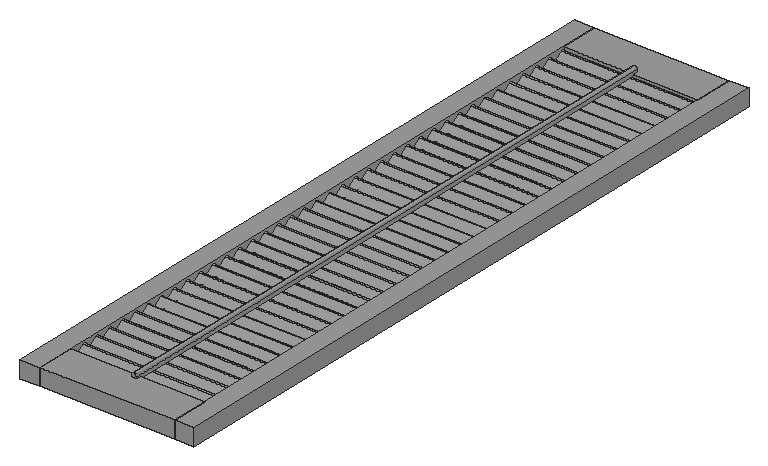
Revit family "Deep South Louver 1 Panel", category Generic Models, Revit 2017
Family settings
  Can host rebar = No
  Round Connector Dimension = Use Diameter
  Part Type = Normal
  Work Plane-Based = Yes
  Always vertical = No
  Cut with Voids When Loaded = No
  Shared = No
  Room Calculation Point = No
Parameters
  URL = "www.newhorizonshutters.com"
  Type Comments = "**** All shutter dimensionsand configurations to be approved by NHSI ****"
  Top Rail = 0' - 4"
  Tilt Rod 1 = yes
  Shutter Width = 1' - 6"
  Shutter Thickness = 0' - 1 3/4"
  Shutter Height = 6' - 0"
  Model = "Louver Deep South"
  Manufacturer = "New Horizon Shutters"
  Louver Section 1 = Shutter Height - Top Rail - Bottom Rail - 0' 1 7/8"  # 5' - 2 1/8"
  Louver Length = Shutter Width - 0' 4"  # 1' - 2"
  Finish Color = Default
  Default Elevation = 4' - 0"
  Bottom Rail = 0' - 4"
Reference planes (in)
  plane 1 "Center (Front/Back)": y = 0
  plane 2: z = 0
  plane 3 "Center (Left/Right)": x = 0
  plane 4: x = 9
  plane 5: x = -9
  plane 6: y = 23
  plane 7: y = -49
  plane 8: y = 19
  plane 9: y = -45
  plane 10: z = 1.75
  plane 11: z = 0.875
  plane 12: x = -7
  plane 13: y = 18.0625
  plane 14: y = -44.0625
  plane 15: z = 0.24426
  plane 16: z = 1.50574
  plane 17: y = -45.5
  plane 18: y = 19.5
Forms (in)
  Extrusion 1, solid, material "Default" <- "Finish Color"
    sketch origin (0, 0, 0) x (1, 0, 0) y (0, 1, 0)
      loop
        line (-9, -49) -> (-7, -49) -> (-7, 23) -> (-9, 23) -> (-9, -49)
    from 0 to 1.75
  Extrusion 2, solid, material "Default" <- "Finish Color"
    sketch origin (0, 0, 0) x (-1, 0, 0) y (0, -1, 0)
      loop
        line (-9, 49) -> (-9, -23) -> (-7, -23) -> (-7, 49) -> (-9, 49)
    from 0 to 1.75
  Extrusion 3, solid, material "Default" <- "Finish Color"
    sketch origin (0, 0, 0) x (1, 0, 0) y (0, 1, 0)
      loop
        line (-7, 23) -> (-7, 19) -> (7, 19) -> (7, 23) -> (-7, 23)
      loop
        line (-7, -45) -> (-7, -49) -> (7, -49) -> (7, -45) -> (-7, -45)
    from 0 to 1.75
  Extrusion 4, solid, material "Default" <- "Finish Color", visible <- "Tilt Rod 1"
    sketch origin (2.3419, 0, -2.60656) x (1, 0, 0) y (0, 0, 1)
      loop
        line (-2.59055, 4.5262) -> (-2.59055, 4.14129) -> (-2.09324, 4.14129) -> (-2.09324, 4.52638)
        arc (-2.09324, 4.52638) -> (-2.16914, 4.70222) -> (-2.34916, 4.76759) r 0.24164
        arc (-2.34916, 4.76759) -> (-2.51985, 4.69689) -> (-2.59055, 4.5262) r 0.2414
    from -19.5 to 45.5
Lines and regions (in)
  reference lines
    curve 1: line (7, 0, 1.53559) -> (-7, 0, 1.53559)
Dimensions and locks (in)
  equal spacing: plane 5, plane 3 "Center (Left/Right)", plane 4
  "Shutter Width": plane 5 to plane 4
  "Shutter Height": plane 6 to plane 7
  "Top Rail": plane 6 to plane 8
  "Bottom Rail": plane 9 to plane 7
  equal spacing: plane 10, plane 11, level
  "Shutter Thickness": plane 10 to level
  locked: plane 5 to plane 12 at 2
  locked: Extrusion 2 to Extrusion 2 at 2
  locked: plane 8 to plane 13 at 0.9375
  locked: plane 14 to plane 9 at 0.9375
  equal spacing: plane 15, plane 11, plane 16
  locked: plane 18 to plane 8 at 0.5
  locked: plane 9 to plane 17 at 0.5
  aligned and locked: plane 2 to level
  aligned and locked: Extrusion 1 sketch curve to plane 7
  aligned and locked: Extrusion 1 sketch curve to plane 5
  aligned and locked: plane 6 to Extrusion 1 sketch curve
  aligned and locked: Extrusion 1 sketch curve to plane 12
  aligned and locked: Extrusion 1 to level
  aligned and locked: plane 10 to Extrusion 1
  aligned and locked: Extrusion 2 to plane 4
  aligned and locked: plane 6 to Extrusion 2
  aligned and locked: Extrusion 2 to plane 7
  aligned and locked: Extrusion 2 to level
  aligned and locked: plane 10 to Extrusion 2
  aligned and locked: Extrusion 3 sketch curve to Extrusion 1  (x2)
  aligned and locked: Extrusion 1 to Extrusion 3 sketch curve
  aligned and locked: plane 8 to Extrusion 3 sketch curve
  aligned and locked: Extrusion 3 sketch curve to Extrusion 2  (x2)
  aligned and locked: Extrusion 3 sketch curve to plane 9
  aligned and locked: Extrusion 2 to Extrusion 3 sketch curve
  aligned and locked: plane 10 to Extrusion 3
  aligned and locked: Extrusion 3 to level
  aligned and locked: plane 15 to nested 1
  aligned and locked: plane 16 to nested 1
  aligned and locked: plane 3 "Center (Left/Right)" to nested 1
  aligned and locked: plane 14 to nested 1
  aligned and locked: plane 18 to Extrusion 4
  aligned and locked: Extrusion 4 to plane 17
Automatic sketch dimensions
  Extrusion 2 sketch curve to plane 4 = 0' - 0"
  Extrusion 2 sketch curve to plane 6 = 0' - 0"
  Extrusion 2 sketch curve to plane 7 = 0' - 0"
  plane 4 to Extrusion 2 sketch curve = 0' - 2"
  Extrusion 4 sketch curve to plane 3 "Center (Left/Right)" = 0' - 0.24866"
  Extrusion 4 sketch curve to plane 3 "Center (Left/Right)" = 0' - 0.00726"
  plane 3 "Center (Left/Right)" to Extrusion 4 sketch curve = 0' - 0.00702"
  plane 3 "Center (Left/Right)" to Extrusion 4 sketch curve = 0' - 0.24866"
  level to Extrusion 4 sketch curve = 0' - 1.53473"
  level to Extrusion 4 sketch curve = 0' - 1.91964"
  curve 1 to plane 12 = 0' - 0"
  curve 1 to plane 16 = 0' - 0.02984"
  curve 1 to plane 4 = 0' - 2"
Nested families (in)
  nested 1: "Deep South Louver System" at (0, -13, 0.875), Louver Length <- "Louver Length", type "Deep South Louver System"
    with Louver Length 1' - 2"
Definition of nested family "Deep South Louver System"
  Parameters (values of type "Deep South Louver System")
    Number Of Louvers = Louver Span / Louver Spacing  # 38
    Louver Span = 5' - 2 1/8"
    Louver Spacing = 0' - 1 5/8"
    Louver Length [instance] = 2' - 0"
    Finish Color = none
  Reference planes (in)
    plane 1 "Center (Front/Back)": y = 0
    plane 2: z = 0
    plane 3 "Center (Left/Right)": x = 0
    plane 4: x = 12
    plane 5: x = -12
    plane 6: y = 31.0625
    plane 7: y = -31.0625
  Dimensions and locks (in)
    equal spacing: plane 5, plane 3 "Center (Left/Right)", plane 4
    equal spacing: plane 6, plane 1 "Center (Front/Back)", plane 7
    "Louver Length": plane 5 to plane 4
    "Louver Span": plane 6 to plane 7
    equal spacing: group 1, group 3, group 4, group 5, group 6, group 7, group 8, group 9, group 10, group 11, group 12, group 13, group 14, group 15, group 16, group 17, group 18, group 19, group 20, group 21, group 22, group 23, group 24, group 25, group 26, group 27, group 28, group 29, group 30, group 31, group 32, group 33, group 34, group 35, group 36, group 37, group 38, group 2  (x2)
    equal spacing: group 2, group 38, group 37, group 36, group 35, group 34, group 33, group 32, group 31, group 30, group 29, group 28, group 27, group 26, group 25, group 24, group 23, group 22, group 21, group 20, group 19, group 18, group 17, group 16, group 15, group 14, group 13, group 12, group 11, group 10, group 9, group 8, group 7, group 6, group 5, group 4, group 3, group 1
    aligned and locked: plane 2 to level
    aligned and locked: nested 1 to level
    aligned and locked: plane 5 to nested 1
    aligned and locked: plane 4 to nested 1
    aligned and locked: nested 2 to level
    aligned and locked: nested 3 to level
    aligned and locked: nested 4 to level
    aligned and locked: nested 5 to level
    aligned and locked: nested 1 to plane 6
    aligned and locked: nested 2 to plane 7
  Nested families (in)
    nested 1: "2 Louver" at (0, 31.0625, 0), type "2 Louver"
    nested 2: "2 Louver" at (0, -31.0625, 0), type "2 Louver"
    nested 3: "2 Louver" at (0, 29.38345, 0), type "2 Louver"
    nested 4: "2 Louver" at (0, 27.70439, 0), type "2 Louver"
    nested 5: "2 Louver" at (0, 26.02534, 0), type "2 Louver"
    nested 6: "2 Louver" at (0, 24.34628, 0), type "2 Louver"
    nested 7: "2 Louver" at (0, 22.66723, 0), type "2 Louver"
    nested 8: "2 Louver" at (0, 20.98818, 0), type "2 Louver"
    nested 9: "2 Louver" at (0, 19.30912, 0), type "2 Louver"
    nested 10: "2 Louver" at (0, 17.63007, 0), type "2 Louver"
    nested 11: "2 Louver" at (0, 15.95101, 0), type "2 Louver"
    nested 12: "2 Louver" at (0, 14.27196, 0), type "2 Louver"
    nested 13: "2 Louver" at (0, 12.59291, 0), type "2 Louver"
    nested 14: "2 Louver" at (0, 10.91385, 0), type "2 Louver"
    nested 15: "2 Louver" at (0, 9.2348, 0), type "2 Louver"
    nested 16: "2 Louver" at (0, 7.55574, 0), type "2 Louver"
    nested 17: "2 Louver" at (0, 5.87669, 0), type "2 Louver"
    nested 18: "2 Louver" at (0, 4.19764, 0), type "2 Louver"
    nested 19: "2 Louver" at (0, 2.51858, 0), type "2 Louver"
    nested 20: "2 Louver" at (0, 0.83953, 0), type "2 Louver"
    nested 21: "2 Louver" at (0, -0.83953, 0), type "2 Louver"
    nested 22: "2 Louver" at (0, -2.51858, 0), type "2 Louver"
    nested 23: "2 Louver" at (0, -4.19764, 0), type "2 Louver"
    nested 24: "2 Louver" at (0, -5.87669, 0), type "2 Louver"
    nested 25: "2 Louver" at (0, -7.55574, 0), type "2 Louver"
    nested 26: "2 Louver" at (0, -9.2348, 0), type "2 Louver"
    nested 27: "2 Louver" at (0, -10.91385, 0), type "2 Louver"
    nested 28: "2 Louver" at (0, -12.59291, 0), type "2 Louver"
    nested 29: "2 Louver" at (0, -14.27196, 0), type "2 Louver"
    nested 30: "2 Louver" at (0, -15.95101, 0), type "2 Louver"
    nested 31: "2 Louver" at (0, -17.63007, 0), type "2 Louver"
    nested 32: "2 Louver" at (0, -19.30912, 0), type "2 Louver"
    nested 33: "2 Louver" at (0, -20.98818, 0), type "2 Louver"
    nested 34: "2 Louver" at (0, -22.66723, 0), type "2 Louver"
    nested 35: "2 Louver" at (0, -24.34628, 0), type "2 Louver"
    nested 36: "2 Louver" at (0, -26.02534, 0), type "2 Louver"
    nested 37: "2 Louver" at (0, -27.70439, 0), type "2 Louver"
    nested 38: "2 Louver" at (0, -29.38345, 0), type "2 Louver"
  Definition of nested family "2 Louver"
    Parameters (values of type "2 Louver")
      Louver Length = 2' - 0"
      Finish Color = none
    Reference planes (in)
      plane 1 "Center (Front/Back)": y = 0
      plane 2: z = 0
      plane 3 "Center (Left/Right)": x = 0
      plane 4: x = 12
      plane 5: x = -12
    Forms (in)
      Extrusion 1, solid, material <- "Finish Color"
        sketch origin (0, 0, 0) x (0, 1, 0) y (0, 0, 1)
          loop
            arc (-0.786, -0.37793) -> (-0.82057, -0.59618) -> (-0.60232, -0.63074) r 0.15625
            line (-0.60232, -0.63074) -> (0.786, 0.37793)
            arc (0.786, 0.37793) -> (0.82057, 0.59618) -> (0.60232, 0.63074) r 0.15625
            line (0.60232, 0.63074) -> (-0.786, -0.37793)
        from -12 to 12
    Lines and regions (in)
      reference lines
        curve 1: line (0, -0.26583, 0) -> (0, 0.26583, 0)
        curve 2: line (0, 0.26583, 0) -> (0, -0.26583, 0)
    Dimensions and locks (in)
      equal spacing: plane 5, plane 3 "Center (Left/Right)", plane 4
      "Louver Length": plane 5 to plane 4
      aligned and locked: plane 2 to level
      aligned and locked: plane 4 to Extrusion 1
      aligned and locked: Extrusion 1 to plane 5
    Automatic sketch dimensions
      Extrusion 1 sketch curve to level = 0' - 0.37793"
      plane 1 "Center (Front/Back)" to Extrusion 1 sketch curve = 0' - 0.786"
      Extrusion 1 sketch curve to Extrusion 1 sketch curve = 0' - 0.09184"  (x4)
      Extrusion 1 sketch curve to plane 1 "Center (Front/Back)" = 0' - 0.60232"
      level to Extrusion 1 sketch curve = 0' - 0.37793"
      Extrusion 1 sketch curve to Extrusion 1 sketch curve = 0' - 0.12641"  (x2)
      curve 1 to level = 0' - 0"
      plane 1 "Center (Front/Back)" to curve 2 = 0' - 0.26583"
      curve 2 to plane 1 "Center (Front/Back)" = 0' - 0.26583"
